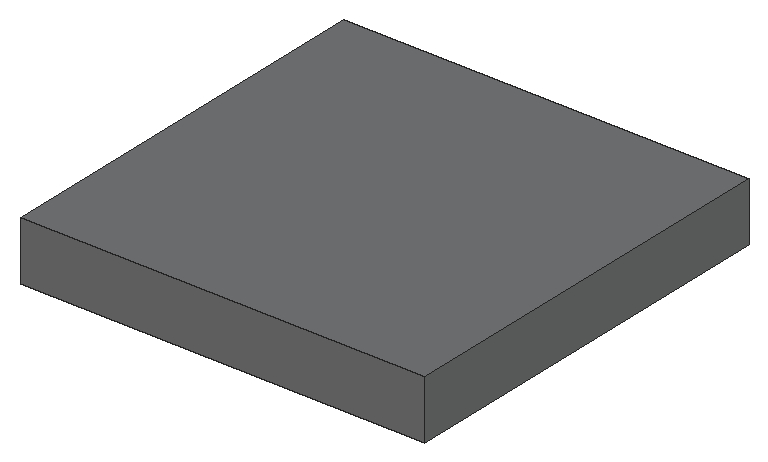
Revit family "Gira_028428", category Electrical Fixtures, host Face, Revit 2017
Family settings
  Host = Face
  Maintain Annotation Orientation = No
  Round Connector Dimension = Use Diameter
  Part Type = Normal
  Cut with Voids When Loaded = No
  Shared = No
  Room Calculation Point = No
Parameters (values of type "Abd. BSF UAE/IAE + Netzwerk System 55 Anthrazit")
  Zusammenstellung = "Zentralplatte"
  Werkstoffgüte = "sonstige"
  Werkstoff = "Kunststoff"
  Verwendung = "UAE/IAE"
  URL = "http://katalog.gira.de/de_DE/datenblatt.html?artikelnr=028428"
  Transparent = "No"
  Tragring = "No"
  Region = "DE"
  Oberfläche = "sonstige"
  Name = "Abd. BSF UAE/IAE + Netzwerk System 55 Anthrazit"
  Montageart = "unter Putz"
  Mit Zugentlastung = "No"
  Mit Staubschutz = "No"
  Mit Klappdeckel = "No"
  Mit Aufdruck = "No"
  Manufacturer URL = "https://www.gira.de/"
  Lüsterklemme = "No"
  Keynote = "Sys55_Abdeckung_Schalten und Tasten"
  HeinzeBIM = "https://bimportal.heinze.de/bim/abd-bsf-uae-iae-netzwerk-system-55-anthrazit/2dd3516e253176a3cf78d5be2bfd8060c945d5ce"
  Halogenfrei = "Yes"
  HAN = "028428"
  Geeignet für Schutzart (IP) = "IP20"
  GTIN = "4010337284284"
  Farbe = "anthrazit"
  Default Elevation = 1219.2 mm
  Data sheet (1) = "https://katalog.gira.de/de_DE/download.html?artikelnr=028428"
  Category = "Einsatz/Abdeckung für Kommunikationstechnik"
  Beschriftungsfeld = "mit Beschriftungsfeld"
  Befestigungsart = "Befestigung mit Schraube"
  Available = "Yes"
  Ausführung der Oberfläche = "nicht zutreffend"
  Anthrazit [instance] = Anthrazit
Reference planes
  plane 1 "Center (Front/Back)": y = 0
  plane 2: z = 0
  plane 3 "Center (Left/Right)": x = 0
Forms (mm)
  Extrusion 1, solid, material "Anthrazit" <- "Anthrazit", detail levels fine
    sketch origin (0, 0, 0) x (1, 0, 0) y (0, 1, 0)
      loop
        line (-27.5, 27.5) -> (-27.5, -27.5) -> (27.5, -27.5) -> (27.5, 27.5) -> (-27.5, 27.5)
    from 0 to 8
  Extrusion 2, void
    sketch origin (0, 0, 0) x (1, 0, 0) y (0, 1, 0)
      loop
        line (26, 26) -> (-26, 26) -> (-26, -26) -> (26, -26) -> (26, 26)
    from 0 to 6
  Extrusion 3, solid, material "Anthrazit" <- "Anthrazit", detail levels medium
    sketch origin (0, 0, 0) x (1, 0, 0) y (0, 1, 0)
      loop
        line (-27.5, 27.5) -> (-27.5, -27.5) -> (27.5, -27.5) -> (27.5, 27.5) -> (-27.5, 27.5)
    from 0 to 8
  Extrusion 4, solid, material "Anthrazit" <- "Anthrazit", detail levels medium
    sketch origin (0, 0, 0) x (1, 0, 0) y (0, 1, 0)
      loop
        line (11, -17.5) -> (11, 17.5) -> (-11, 17.5) -> (-11, -17.5) -> (11, -17.5)
    from -6 to 6
  Extrusion 5, solid, material "Anthrazit" <- "Anthrazit", detail levels fine
    sketch origin (0, 0, 0) x (1, 0, 0) y (0, 1, 0)
      loop
        line (11, 17.5) -> (-11, 17.5) -> (-11, 16.5) -> (11, 16.5) -> (11, 17.5)
      loop
        line (-11, -16.5) -> (-11, -17.5) -> (11, -17.5) -> (11, -16.5) -> (-11, -16.5)
    from -4 to 6
  Extrusion 6, solid, material "Anthrazit" <- "Anthrazit", detail levels fine
    sketch origin (0, 0, 0) x (1, 0, 0) y (0, 1, 0)
      loop
        arc (5, 9.347) -> (0, 10.6) -> (-5, 9.347) r 10.6
        line (-5, 9.347) -> (-5, -9.347)
        arc (-5, -9.347) -> (0, -10.6) -> (5, -9.347) r 10.6
        line (5, -9.347) -> (5, 9.347)
    from -6 to 6
  Extrusion 7, solid, material "Anthrazit" <- "Anthrazit", detail levels coarse
    sketch origin (0, 0, 0) x (1, 0, 0) y (0, 1, 0)
      loop
        line (-27.5, 27.5) -> (-27.5, -27.5) -> (27.5, -27.5) -> (27.5, 27.5) -> (-27.5, 27.5)
    from -6 to 8
Cuts and joins
  Extrusion 2 cuts Extrusion 1
Dimensions and locks
  aligned and locked: plane 2 to host face
  aligned and locked: level to host face
